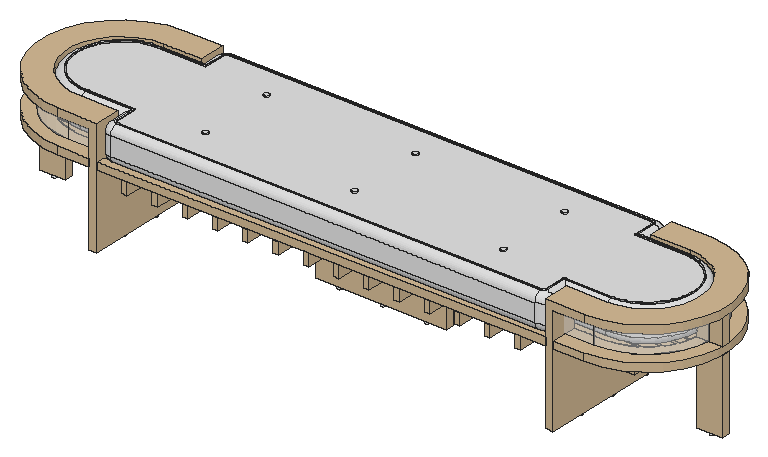
Revit family "BANCO M.A. 2,60M", category Sistema de mobiliário, Revit 2024
Family settings
  Cota do conector redondo = Utilizar diâmetro
  Tipo de parte = Normal
  Com base no plano de trabalho = Não
  Ativar corte nas vistas = Não
  Sempre na vertical = Sim
  Corte com vazios quando carregada = Não
  Compartilhado = Não
  Ponto de cálculo do ambiente = Não
Parameters
  Elevação padrão = 0.0 cm
Reference planes (cm)
  plane 1 "Centro (Frente/Trás)": y = 0
  plane 2: z = 0
  plane 3 "Centro (Esquerda/Direita)": x = 0
  plane 4: x = -66.5
  plane 5: x = 66.5
  plane 6: y = -30
  plane 7: y = 30
Forms (cm)
  Extrusion 1, solid, material "MADEIRA NATURAL"
    sketch origin (625.7408, -287.8404, 89.1449) x (0, 1, 0) y (-1, 0, 0)
      loop
        line (264.1429, -155.6722) -> (264.1429, -376.6893)
        arc (264.1429, -376.6893) -> (266.3659, -371.6427) -> (267.1262, -366.1808) r 20
        line (267.1262, -366.1808) -> (267.1262, -166.1808)
        arc (267.1262, -166.1808) -> (266.3659, -160.7189) -> (264.1429, -155.6722) r 20
      loop
        line (230.1262, -376.7164) -> (230.1262, -155.6451)
        arc (230.1262, -155.6451) -> (227.8908, -160.7036) -> (227.1262, -166.1808) r 20
        line (227.1262, -166.1808) -> (227.1262, -366.1808)
        arc (227.1262, -366.1808) -> (227.8908, -371.658) -> (230.1262, -376.7164) r 20
      loop
        line (263.0329, -378.3041) -> (263.0329, -154.0575)
        arc (263.0329, -154.0575) -> (261.619, -152.3983) -> (260.0329, -150.9028) r 20
        line (260.0329, -150.9028) -> (260.0329, -381.4587)
        arc (260.0329, -381.4587) -> (261.619, -379.9633) -> (263.0329, -378.3041) r 20
      loop
        line (258.9229, -382.3312) -> (258.9229, -150.0303)
        arc (258.9229, -150.0303) -> (257.4627, -149.059) -> (255.9229, -148.2192) r 20
        line (255.9229, -148.2192) -> (255.9229, -384.1423)
        arc (255.9229, -384.1423) -> (257.4627, -383.3026) -> (258.9229, -382.3312) r 20
      loop
        line (254.8129, -384.6446) -> (254.8129, -147.7169)
        arc (254.8129, -147.7169) -> (253.3323, -147.168) -> (251.8129, -146.7377) r 20
        line (251.8129, -146.7377) -> (251.8129, -385.6239)
        arc (251.8129, -385.6239) -> (253.3323, -385.1935) -> (254.8129, -384.6446) r 20
      loop
        line (250.7029, -385.8583) -> (250.7029, -146.5032)
        arc (250.7029, -146.5032) -> (249.2088, -146.2895) -> (247.7029, -146.1891) r 20
        line (247.7029, -146.1891) -> (247.7029, -386.1725)
        arc (247.7029, -386.1725) -> (249.2088, -386.072) -> (250.7029, -385.8583) r 20
      loop
        line (246.5929, -386.1737) -> (246.5929, -146.1879)
        arc (246.5929, -146.1879) -> (245.0871, -146.285) -> (243.5929, -146.4953) r 20
        line (243.5929, -146.4953) -> (243.5929, -385.8662)
        arc (243.5929, -385.8662) -> (245.0871, -386.0766) -> (246.5929, -386.1737) r 20
      loop
        line (242.4829, -385.6343) -> (242.4829, -146.7272)
        arc (242.4829, -146.7272) -> (240.9637, -147.1538) -> (239.4829, -147.6989) r 20
        line (239.4829, -147.6989) -> (239.4829, -384.6627)
        arc (239.4829, -384.6627) -> (240.9637, -385.2077) -> (242.4829, -385.6343) r 20
      loop
        line (238.3729, -384.1636) -> (238.3729, -148.198)
        arc (238.3729, -148.198) -> (236.8335, -149.0326) -> (235.3729, -149.9986) r 20
        line (235.3729, -149.9986) -> (235.3729, -382.3629)
        arc (235.3729, -382.3629) -> (236.8335, -383.329) -> (238.3729, -384.1636) r 20
      loop
        line (234.1949, -381.3377) -> (234.1949, -150.778)
        arc (234.1949, -150.778) -> (232.5291, -152.3336) -> (231.0503, -154.068) r 20.0709
        line (231.0503, -154.068) -> (231.0503, -378.0164)
        arc (231.0503, -378.0164) -> (232.5273, -379.7673) -> (234.1949, -381.3377) r 19.9836
      loop
        line (274.1429, -181.0118) -> (274.1429, -351.5397) -> (277.1262, -351.5397) -> (277.1262, -181.0118) -> (274.1429, -181.0118)
      loop
        line (269.1429, -181.0118) -> (269.1429, -351.5397) -> (272.1262, -351.5397) -> (272.1262, -181.0118) -> (269.1429, -181.0118)
      loop
        line (220.1094, -181.0118) -> (217.1262, -181.0118) -> (217.1262, -351.5397) -> (220.1094, -351.5397) -> (220.1094, -181.0118)
      loop
        line (225.1094, -181.0118) -> (222.1262, -181.0118) -> (222.1262, -351.5397) -> (225.1094, -351.5397) -> (225.1094, -181.0118)
    from -30.6403 to -27.6403
  Extrusion 2, solid, material "MADEIRA NATURAL"
    sketch origin (326.8975, -60.465, 54.0046) x (1, 0, 0) y (0, 1, 0)
      loop
        line (489.3458, 37.1334) -> (489.3458, 2.3682) -> (491.3643, 2.3682) -> (491.3643, 37.1334) -> (489.3458, 37.1334)
      loop
        line (491.3643, -10.2492) -> (491.3643, -0.2492) -> (489.3458, -0.2492) -> (489.3458, -10.2492) -> (491.3643, -10.2492)
      loop
        line (489.3458, 39.7676) -> (491.3643, 39.7676) -> (491.3643, 49.7508) -> (489.3458, 49.7508) -> (489.3458, 39.7676)
      loop
        line (500.8458, 37.1334) -> (500.8458, 2.3682) -> (502.8643, 2.3682) -> (502.8643, 37.1334) -> (500.8458, 37.1334)
      loop
        line (502.8643, -10.2492) -> (502.8643, -0.2492) -> (500.8458, -0.2492) -> (500.8458, -10.2492) -> (502.8643, -10.2492)
      loop
        line (500.8458, 39.7676) -> (502.8643, 39.7676) -> (502.8643, 49.7508) -> (500.8458, 49.7508) -> (500.8458, 39.7676)
      loop
        line (512.3458, 37.1334) -> (512.3458, 2.3682) -> (514.3643, 2.3682) -> (514.3643, 37.1334) -> (512.3458, 37.1334)
      loop
        line (514.3643, -10.2492) -> (514.3643, -0.2492) -> (512.3458, -0.2492) -> (512.3458, -10.2492) -> (514.3643, -10.2492)
      loop
        line (512.3458, 39.7676) -> (514.3643, 39.7676) -> (514.3643, 49.7508) -> (512.3458, 49.7508) -> (512.3458, 39.7676)
      loop
        line (523.8458, 37.1334) -> (523.8458, 2.3682) -> (525.8643, 2.3682) -> (525.8643, 37.1334) -> (523.8458, 37.1334)
      loop
        line (525.8643, -10.2492) -> (525.8643, -0.2492) -> (523.8458, -0.2492) -> (523.8458, -10.2492) -> (525.8643, -10.2492)
      loop
        line (523.8458, 39.7676) -> (525.8643, 39.7676) -> (525.8643, 49.7508) -> (523.8458, 49.7508) -> (523.8458, 39.7676)
      loop
        line (535.3458, 37.1334) -> (535.3458, 2.3682) -> (537.3643, 2.3682) -> (537.3643, 37.1334) -> (535.3458, 37.1334)
      loop
        line (537.3643, -10.2492) -> (537.3643, -0.2492) -> (535.3458, -0.2492) -> (535.3458, -10.2492) -> (537.3643, -10.2492)
      loop
        line (535.3458, 39.7676) -> (537.3643, 39.7676) -> (537.3643, 49.7508) -> (535.3458, 49.7508) -> (535.3458, 39.7676)
      loop
        line (546.8458, 37.1334) -> (546.8458, 2.3682) -> (548.8643, 2.3682) -> (548.8643, 37.1334) -> (546.8458, 37.1334)
      loop
        line (548.8643, -10.2492) -> (548.8643, -0.2492) -> (546.8458, -0.2492) -> (546.8458, -10.2492) -> (548.8643, -10.2492)
      loop
        line (546.8458, 39.7676) -> (548.8643, 39.7676) -> (548.8643, 49.7508) -> (546.8458, 49.7508) -> (546.8458, 39.7676)
      loop
        line (558.3458, 37.1334) -> (558.3458, 2.3682) -> (560.3643, 2.3682) -> (560.3643, 37.1334) -> (558.3458, 37.1334)
      loop
        line (560.3643, -10.2492) -> (560.3643, -0.2492) -> (558.3458, -0.2492) -> (558.3458, -10.2492) -> (560.3643, -10.2492)
      loop
        line (558.3458, 39.7676) -> (560.3643, 39.7676) -> (560.3643, 49.7508) -> (558.3458, 49.7508) -> (558.3458, 39.7676)
      loop
        line (569.8458, 37.1334) -> (569.8458, 2.3682) -> (571.8643, 2.3682) -> (571.8643, 37.1334) -> (569.8458, 37.1334)
      loop
        line (571.8643, -10.2492) -> (571.8643, -0.2492) -> (569.8458, -0.2492) -> (569.8458, -10.2492) -> (571.8643, -10.2492)
      loop
        line (569.8458, 39.7676) -> (571.8643, 39.7676) -> (571.8643, 49.7508) -> (569.8458, 49.7508) -> (569.8458, 39.7676)
      loop
        line (581.3458, 37.1334) -> (581.3458, 2.3682) -> (583.3643, 2.3682) -> (583.3643, 37.1334) -> (581.3458, 37.1334)
      loop
        line (583.3643, -10.2492) -> (583.3643, -0.2492) -> (581.3458, -0.2492) -> (581.3458, -10.2492) -> (583.3643, -10.2492)
      loop
        line (581.3458, 39.7676) -> (583.3643, 39.7676) -> (583.3643, 49.7508) -> (581.3458, 49.7508) -> (581.3458, 39.7676)
      loop
        line (592.8458, 37.1334) -> (592.8458, 2.3682) -> (594.8643, 2.3682) -> (594.8643, 37.1334) -> (592.8458, 37.1334)
      loop
        line (594.8643, -10.2492) -> (594.8643, -0.2492) -> (592.8458, -0.2492) -> (592.8458, -10.2492) -> (594.8643, -10.2492)
      loop
        line (592.8458, 39.7676) -> (594.8643, 39.7676) -> (594.8643, 49.7508) -> (592.8458, 49.7508) -> (592.8458, 39.7676)
      loop
        line (604.3458, 37.1334) -> (604.3458, 2.3682) -> (606.3643, 2.3682) -> (606.3643, 37.1334) -> (604.3458, 37.1334)
      loop
        line (606.3643, -10.2492) -> (606.3643, -0.2492) -> (604.3458, -0.2492) -> (604.3458, -10.2492) -> (606.3643, -10.2492)
      loop
        line (604.3458, 39.7676) -> (606.3643, 39.7676) -> (606.3643, 49.7508) -> (604.3458, 49.7508) -> (604.3458, 39.7676)
      loop
        line (615.8458, 37.1334) -> (615.8458, 2.3682) -> (617.8643, 2.3682) -> (617.8643, 37.1334) -> (615.8458, 37.1334)
      loop
        line (617.8643, -10.2492) -> (617.8643, -0.2492) -> (615.8458, -0.2492) -> (615.8458, -10.2492) -> (617.8643, -10.2492)
      loop
        line (615.8458, 39.7676) -> (617.8643, 39.7676) -> (617.8643, 49.7508) -> (615.8458, 49.7508) -> (615.8458, 39.7676)
      loop
        line (627.3458, 37.1334) -> (627.3458, 2.3682) -> (629.3643, 2.3682) -> (629.3643, 37.1334) -> (627.3458, 37.1334)
      loop
        line (629.3643, -10.2492) -> (629.3643, -0.2492) -> (627.3458, -0.2492) -> (627.3458, -10.2492) -> (629.3643, -10.2492)
      loop
        line (627.3458, 39.7676) -> (629.3643, 39.7676) -> (629.3643, 49.7508) -> (627.3458, 49.7508) -> (627.3458, 39.7676)
      loop
        line (638.8458, 37.1334) -> (638.8458, 2.3682) -> (640.8643, 2.3682) -> (640.8643, 37.1334) -> (638.8458, 37.1334)
      loop
        line (640.8643, -10.2492) -> (640.8643, -0.2492) -> (638.8458, -0.2492) -> (638.8458, -10.2492) -> (640.8643, -10.2492)
      loop
        line (638.8458, 39.7676) -> (640.8643, 39.7676) -> (640.8643, 49.7508) -> (638.8458, 49.7508) -> (638.8458, 39.7676)
      loop
        line (662.8458, 37.1334) -> (662.8458, 2.7508) -> (664.8643, 2.7508) -> (664.8643, 37.1334) -> (662.8458, 37.1334)
      loop
        line (674.3272, 37.1334) -> (674.3272, 2.7508) -> (676.3457, 2.7508) -> (676.3457, 37.1334) -> (674.3272, 37.1334)
      loop
        line (465.3551, 37.1334) -> (465.3551, 2.3682) -> (467.3736, 2.3682) -> (467.3736, 37.1334) -> (465.3551, 37.1334)
      loop
        line (453.8551, 37.1334) -> (453.8551, 2.3682) -> (455.8736, 2.3682) -> (455.8736, 37.1334) -> (453.8551, 37.1334)
    from 4.5 to 0
  Extrusion 3, solid, material "MADEIRA NATURAL"
    sketch origin (1561.5692, 9.4695, 14.07) x (-1, 0, 0) y (0, -1, 0)
      loop
        line (584.2887, 32.8011) -> (584.2887, 30.1837) -> (754.8165, 30.1837) -> (754.8165, 32.8011) -> (584.2887, 32.8011)
      loop
        line (651.3073, 48.875) -> (651.3073, 51.4924) -> (641.8258, 51.4924) -> (641.8258, 48.875) -> (651.3073, 48.875)
      loop
        line (754.8165, 48.875) -> (754.8165, 51.4924) -> (745.3258, 51.4924) -> (745.3258, 48.875) -> (754.8165, 48.875)
      loop
        line (769.3165, 48.875) -> (778.7981, 48.875) -> (778.7981, 51.4924) -> (769.3165, 51.4924) -> (769.3165, 48.875)
      loop
        line (584.2887, 67.5663) -> (754.8165, 67.5663) -> (754.8165, 70.1837) -> (584.2887, 70.1837) -> (584.2887, 67.5663)
      loop
        line (743.3073, 51.4924) -> (733.8258, 51.4924) -> (733.8258, 48.875) -> (743.3073, 48.875) -> (743.3073, 51.4924)
      loop
        line (731.8073, 51.4924) -> (722.3258, 51.4924) -> (722.3258, 48.875) -> (731.8073, 48.875) -> (731.8073, 51.4924)
      loop
        line (720.3073, 51.4924) -> (710.8258, 51.4924) -> (710.8258, 48.875) -> (720.3073, 48.875) -> (720.3073, 51.4924)
      loop
        line (708.8073, 51.4924) -> (699.3258, 51.4924) -> (699.3258, 48.875) -> (708.8073, 48.875) -> (708.8073, 51.4924)
      loop
        line (697.3073, 51.4924) -> (687.8258, 51.4924) -> (687.8258, 48.875) -> (697.3073, 48.875) -> (697.3073, 51.4924)
      loop
        line (685.8073, 51.4924) -> (676.3258, 51.4924) -> (676.3258, 48.875) -> (685.8073, 48.875) -> (685.8073, 51.4924)
      loop
        line (674.3073, 51.4924) -> (664.8258, 51.4924) -> (664.8258, 48.875) -> (674.3073, 48.875) -> (674.3073, 51.4924)
      loop
        line (662.8073, 51.4924) -> (653.3258, 51.4924) -> (653.3258, 48.875) -> (662.8073, 48.875) -> (662.8073, 51.4924)
      loop
        line (789.5367, 51.4924) -> (780.8165, 51.4924) -> (780.8165, 48.875) -> (789.5367, 48.875) -> (789.5367, 51.4924)
      loop
        line (639.8073, 51.4924) -> (630.3258, 51.4924) -> (630.3258, 48.875) -> (639.8073, 48.875) -> (639.8073, 51.4924)
      loop
        line (628.3073, 51.4924) -> (618.8258, 51.4924) -> (618.8258, 48.875) -> (628.3073, 48.875) -> (628.3073, 51.4924)
      loop
        line (757.8165, 48.875) -> (767.2981, 48.875) -> (767.2981, 51.4924) -> (757.8165, 51.4924) -> (757.8165, 48.875)
      loop
        line (780.8165, 32.8011) -> (757.8165, 32.8011) -> (757.8165, 30.1837) -> (780.8165, 30.1837) -> (780.8165, 32.8011)
      loop
        line (780.8165, 70.1837) -> (757.8165, 70.1837) -> (757.8165, 67.5663) -> (780.8165, 67.5663) -> (780.8165, 70.1837)
      loop
        line (558.326, 67.1837) -> (581.2887, 67.1837) -> (581.2887, 70.1837) -> (558.326, 70.1837) -> (558.326, 67.1837)
      loop
        line (558.326, 32.8011) -> (558.326, 30.1837) -> (581.2887, 30.1837) -> (581.2887, 32.8011) -> (558.326, 32.8011)
      loop
        line (581.2887, 48.875) -> (581.2887, 51.4924) -> (571.8258, 51.4924) -> (571.8258, 48.875) -> (581.2887, 48.875)
      loop
        line (549.5685, 51.4924) -> (549.5685, 48.875) -> (558.326, 48.875) -> (558.326, 51.4924) -> (549.5685, 51.4924)
      loop
        line (569.8073, 51.4924) -> (560.3444, 51.4924) -> (560.3444, 48.875) -> (569.8073, 48.875) -> (569.8073, 51.4924)
      loop
        line (593.8073, 48.875) -> (593.8073, 51.4924) -> (584.2887, 51.4924) -> (584.2887, 48.875) -> (593.8073, 48.875)
      loop
        line (616.8073, 48.875) -> (616.8073, 51.4924) -> (607.3258, 51.4924) -> (607.3258, 48.875) -> (616.8073, 48.875)
      loop
        line (605.3073, 48.875) -> (605.3073, 51.4924) -> (595.8258, 51.4924) -> (595.8258, 48.875) -> (605.3073, 48.875)
    from 39.43 to 44.4346
  Extrusion 4, solid, material "MADEIRA NATURAL"
    sketch origin (1209.482, -554.7112, 47.4346) x (-1, 0, 0) y (0, -1, 0)
      loop
        line (232.2015, -493.9969) -> (229.2015, -493.9969) -> (229.2015, -533.9969) -> (232.2015, -533.9969) -> (232.2015, -493.9969)
    from -16.93 to 9.07
  Extrusion 5, solid, material "_PALHINHA"
    sketch origin (1478.7781, -60.465, 32.57) x (-1, 0, 0) y (0, -1, 0)
      loop
        line (498.4976, -44.6508) -> (486.8565, -44.6508)
        arc (486.8565, -44.6508) -> (469.7881, -37.8803) -> (462.0018, -21.2508) r 24.9
        line (462.0018, -21.2508) -> (461.8014, -21.2508)
        arc (461.8014, -21.2508) -> (469.6467, -38.0218) -> (486.8565, -44.8508) r 25.1
        line (486.8565, -44.8508) -> (498.4976, -44.8508) -> (498.4976, -44.6508)
      loop
        line (486.8565, 5.1492) -> (498.4976, 5.1492) -> (498.4976, 5.3492) -> (486.8565, 5.3492)
        arc (486.8565, 5.3492) -> (469.6467, -1.4798) -> (461.8014, -18.2508) r 25.1
        line (461.8014, -18.2508) -> (462.0018, -18.2508)
        arc (462.0018, -18.2508) -> (469.7881, -1.6213) -> (486.8565, 5.1492) r 24.9
    from 28.9427 to 38.93
  Extrusion 6, solid, material "MADEIRA NATURAL"
    sketch origin (207.1169, -51.3222, 0.0173) x (1, 0, 0) y (0, 1, 0)
      loop
        line (804.8728, 9.108) -> (814.8929, 9.108)
        arc (814.8929, 9.108) -> (814.92, 10.6079) -> (814.8996, 12.108) r 47.4465
        line (814.8996, 12.108) -> (804.8837, 12.108)
        arc (804.8837, 12.108) -> (804.9083, 10.6079) -> (804.8728, 9.108) r 37.4316
    from 30.4797 to 58.4873
  Extrusion 7, solid, material "MADEIRA NATURAL"
    sketch origin (1012.8142, -75.4235, 32.5173) x (0, 1, 0) y (1, 0, 0)
      loop
        line (54.7092, -35.5337) -> (64.7092, -35.5337) -> (64.7092, -32.5337) -> (54.7092, -32.5337) -> (54.7092, -35.5337)
      loop
        line (4.7092, -35.5337) -> (14.7092, -35.5337) -> (14.7092, -32.5337) -> (4.7092, -32.5337) -> (4.7092, -35.5337)
    from -38.9827 to 2.0127
  Extrusion 8, solid, material "MADEIRA NATURAL"
    sketch origin (205.0446, -51.3222, 45.0219) x (1, 0, 0) y (0, 1, 0)
      loop
        line (806.9652, 9.108) -> (816.9652, 9.108)
        arc (816.9652, 9.108) -> (816.9872, 10.608) -> (816.9652, 12.108) r 51.2525
        line (816.9652, 12.108) -> (806.9652, 12.108)
        arc (806.9652, 12.108) -> (806.9906, 10.608) -> (806.9652, 9.108) r 44.2525
    from 16.4908 to 26.4781
  Extrusion 9, solid, material "MADEIRA NATURAL"
    sketch origin (1448.7781, -60.465, 14.07) x (-1, 0, 0) y (0, -1, 0)
      loop
        arc (456.8565, 10.2492) -> (426.8565, -19.7508) -> (456.8565, -49.7508) r 30
        line (456.8565, -49.7508) -> (468.4976, -49.7508) -> (468.4976, -39.7508) -> (456.8565, -39.7508)
        arc (456.8565, -39.7508) -> (436.8565, -19.7508) -> (456.8565, 0.2492) r 20
        line (456.8565, 0.2492) -> (468.4976, 0.2492) -> (468.4976, 10.2492) -> (456.8565, 10.2492)
    from 44.4346 to 47.4346
  Extrusion 10, solid, material "MADEIRA NATURAL"
    sketch origin (1448.9681, -60.465, 27.0654) x (-1, 0, 0) y (0, -1, 0)
      loop
        arc (456.8565, 10.2492) -> (426.8565, -19.7508) -> (456.8565, -49.7508) r 30
        line (456.8565, -49.7508) -> (471.6876, -49.7508) -> (471.6876, -39.7508) -> (456.8565, -39.7508)
        arc (456.8565, -39.7508) -> (436.8565, -19.7508) -> (456.8565, 0.2492) r 20
        line (456.8565, 0.2492) -> (471.6876, 0.2492) -> (471.6876, 10.2492) -> (456.8565, 10.2492)
    from 44.4346 to 47.4346
  Extrusion 11, solid, material "MADEIRA NATURAL"
    sketch origin (771.2189, -75.4235, 17.5) x (0, -1, 0) y (-1, 0, 0)
      loop
        line (-54.7092, -35.5337) -> (-54.7092, -32.5337) -> (-64.7092, -32.5337) -> (-64.7092, -35.5337) -> (-54.7092, -35.5337)
      loop
        line (-4.7092, -35.5337) -> (-4.7092, -32.5337) -> (-14.7092, -32.5337) -> (-14.7092, -35.5337) -> (-4.7092, -35.5337)
    from -54 to -13.0012
  Extrusion 12, solid, material "MADEIRA NATURAL"
    sketch origin (1576.9162, -51.3222, 0) x (-1, 0, 0) y (0, -1, 0)
      loop
        arc (804.8728, -9.108) -> (804.9083, -10.6079) -> (804.8837, -12.108) r 37.4316
        line (804.8837, -12.108) -> (814.8996, -12.108)
        arc (814.8996, -12.108) -> (814.92, -10.6079) -> (814.8929, -9.108) r 47.4465
        line (814.8929, -9.108) -> (804.8728, -9.108)
    from 30.5 to 58.5046
  Extrusion 13, solid, material "MADEIRA NATURAL"
    sketch origin (793.9451, 445.7135, 0.07) x (0, -1, 0) y (1, 0, 0)
      loop
        line (506.4277, 12.8075) -> (466.4277, 12.8075) -> (466.4277, 9.8075) -> (506.4277, 9.8075) -> (506.4277, 12.8075)
    from 30.4312 to 56.4346
  Extrusion 14, solid, material "_PALHINHA"
    sketch origin (305.065, -60.465, 32.57) x (1, 0, 0) y (0, 1, 0)
      loop
        line (498.6876, 44.6508) -> (498.6876, 44.8508) -> (486.8565, 44.8508)
        arc (486.8565, 44.8508) -> (469.6467, 38.0218) -> (461.8014, 21.2508) r 25.1
        line (461.8014, 21.2508) -> (462.0018, 21.2508)
        arc (462.0018, 21.2508) -> (469.7881, 37.8803) -> (486.8565, 44.6508) r 24.9
        line (486.8565, 44.6508) -> (498.6876, 44.6508)
      loop
        arc (486.8565, -5.1492) -> (469.7881, 1.6213) -> (462.0018, 18.2508) r 24.9
        line (462.0018, 18.2508) -> (461.8014, 18.2508)
        arc (461.8014, 18.2508) -> (469.6467, 1.4798) -> (486.8565, -5.3492) r 25.1
        line (486.8565, -5.3492) -> (498.6876, -5.3492) -> (498.6876, -5.1492) -> (486.8565, -5.1492)
    from 28.9427 to 38.93
  Extrusion 15, solid, material "MADEIRA NATURAL"
    sketch origin (1578.9885, -51.3222, 45.0046) x (-1, 0, 0) y (0, -1, 0)
      loop
        arc (806.9652, -9.108) -> (806.9906, -10.608) -> (806.9652, -12.108) r 44.2525
        line (806.9652, -12.108) -> (816.9652, -12.108)
        arc (816.9652, -12.108) -> (816.9872, -10.608) -> (816.9652, -9.108) r 51.2525
        line (816.9652, -9.108) -> (806.9652, -9.108)
    from 16.5081 to 26.4954
  Extrusion 16, solid, material "MADEIRA NATURAL"
    sketch origin (335.065, -60.465, 14.07) x (1, 0, 0) y (0, 1, 0)
      loop
        line (456.8565, -10.2492) -> (468.6876, -10.2492) -> (468.6876, -0.2492) -> (456.8565, -0.2492)
        arc (456.8565, -0.2492) -> (436.8565, 19.7508) -> (456.8565, 39.7508) r 20
        line (456.8565, 39.7508) -> (468.6876, 39.7508) -> (468.6876, 49.7508) -> (456.8565, 49.7508)
        arc (456.8565, 49.7508) -> (426.8565, 19.7508) -> (456.8565, -10.2492) r 30
    from 44.4346 to 47.4346
  Extrusion 17, solid, material "MADEIRA NATURAL"
    sketch origin (335.065, -60.465, 27.0654) x (1, 0, 0) y (0, 1, 0)
      loop
        line (456.8565, -10.2492) -> (471.6876, -10.2492) -> (471.6876, -0.2492) -> (456.8565, -0.2492)
        arc (456.8565, -0.2492) -> (436.8565, 19.7508) -> (456.8565, 39.7508) r 20
        line (456.8565, 39.7508) -> (471.6876, 39.7508) -> (471.6876, 49.7508) -> (456.8565, 49.7508)
        arc (456.8565, 49.7508) -> (426.8565, 19.7508) -> (456.8565, -10.2492) r 30
    from 44.4346 to 47.4346
  Extrusion 18, solid, material "MADEIRA NATURAL"
    sketch origin (744.186, -72.1997, 0) x (0, -1, 0) y (1, 0, 0)
      loop
        line (-32.9855, 122.8331) -> (-29.9855, 122.8331) -> (-29.9855, 172.8331) -> (-32.9855, 172.8331) -> (-32.9855, 122.8331)
    from 30.5046 to 53.5
  Revolve 19, solid
    sketch origin (803.8584, -41.0742, 0) x (-1, 0, 0) y (0, 0, -1)
      loop
        line (36.8386, -30.5) -> (36.8386, -29.5) -> (36.0386, -29.5) -> (36.5386, -30.5) -> (36.8386, -30.5)
      axis (36.8386, -30.5) -> (36.8386, -29.5)
    angle from 0 to 360
  Revolve 20, solid
    sketch origin (928.8577, -41.0642, 0.0046) x (-1, 0, 0) y (0, 0, -1)
      loop
        line (36.8386, -30.5) -> (36.8386, -29.5) -> (36.0386, -29.5) -> (36.5386, -30.5) -> (36.8386, -30.5)
      axis (36.8386, -30.5) -> (36.8386, -29.5)
    angle from 0 to 360
  Revolve 21, solid
    sketch origin (842.0584, -41.0642, 0) x (-1, 0, 0) y (0, 0, -1)
      loop
        line (36.8386, -30.5) -> (36.8386, -29.5) -> (36.0386, -29.5) -> (36.5386, -30.5) -> (36.8386, -30.5)
      axis (36.8386, -30.5) -> (36.8386, -29.5)
    angle from 0 to 360
  Revolve 22, solid
    sketch origin (912.2584, -41.0642, 0) x (-1, 0, 0) y (0, 0, -1)
      loop
        line (36.8386, -30.5) -> (36.8386, -29.5) -> (36.0386, -29.5) -> (36.5386, -30.5) -> (36.8386, -30.5)
      axis (36.8386, -30.5) -> (36.8386, -29.5)
    angle from 0 to 360
  Revolve 23, solid
    sketch origin (871.7799, -41.0642, 0) x (1, 0, 0) y (0, 0, 1)
      loop
        line (36.8386, 30.5) -> (36.5386, 30.5) -> (36.0386, 29.5) -> (36.8386, 29.5) -> (36.8386, 30.5)
      axis (36.8386, 30.5) -> (36.8386, 29.5)
    angle from 0 to 360
  Revolve 24, solid
    sketch origin (842.0584, -56.0642, 0) x (-1, 0, 0) y (0, 0, -1)
      loop
        line (36.8386, -30.5) -> (36.8386, -29.5) -> (36.0386, -29.5) -> (36.5386, -30.5) -> (36.8386, -30.5)
      axis (36.8386, -30.5) -> (36.8386, -29.5)
    angle from 0 to 360
  Revolve 25, solid
    sketch origin (842.0584, -24.9642, 0) x (-1, 0, 0) y (0, 0, -1)
      loop
        line (36.8386, -30.5) -> (36.8386, -29.5) -> (36.0386, -29.5) -> (36.5386, -30.5) -> (36.8386, -30.5)
      axis (36.8386, -30.5) -> (36.8386, -29.5)
    angle from 0 to 360
  Revolve 26, solid
    sketch origin (980.1469, -41.0742, 0) x (1, 0, 0) y (0, 0, 1)
      loop
        line (36.8386, 30.5) -> (36.5386, 30.5) -> (36.0386, 29.5) -> (36.8386, 29.5) -> (36.8386, 30.5)
      axis (36.8386, 30.5) -> (36.8386, 29.5)
    angle from 0 to 360
  Revolve 27, solid
    sketch origin (941.9469, -41.0642, 0) x (1, 0, 0) y (0, 0, 1)
      loop
        line (36.8386, 30.5) -> (36.5386, 30.5) -> (36.0386, 29.5) -> (36.8386, 29.5) -> (36.8386, 30.5)
      axis (36.8386, 30.5) -> (36.8386, 29.5)
    angle from 0 to 360
  Revolve 28, solid
    sketch origin (941.9469, -56.0642, 0) x (1, 0, 0) y (0, 0, 1)
      loop
        line (36.8386, 30.5) -> (36.5386, 30.5) -> (36.0386, 29.5) -> (36.8386, 29.5) -> (36.8386, 30.5)
      axis (36.8386, 30.5) -> (36.8386, 29.5)
    angle from 0 to 360
  Revolve 29, solid
    sketch origin (941.9469, -24.9642, 0) x (1, 0, 0) y (0, 0, 1)
      loop
        line (36.8386, 30.5) -> (36.5386, 30.5) -> (36.0386, 29.5) -> (36.8386, 29.5) -> (36.8386, 30.5)
      axis (36.8386, 30.5) -> (36.8386, 29.5)
    angle from 0 to 360
  Extrusion 30, solid, material "ESTOFADO"
    sketch origin (968.0248, 10.0928, 29.6) x (0, -1, 0) y (1, 0, 0)
      loop
        line (24.107, 4.8197) -> (24.107, -156.6629)
        arc (24.107, -156.6629) -> (24.3999, -157.37) -> (25.107, -157.6629) r 1
        line (25.107, -157.6629) -> (33.607, -157.6629) -> (33.607, -175.9205)
        arc (33.607, -175.9205) -> (50.607, -192.9205) -> (67.607, -175.9205) r 17
        line (67.607, -175.9205) -> (67.607, -157.6629) -> (76.107, -157.6629)
        arc (76.107, -157.6629) -> (76.8141, -157.37) -> (77.107, -156.6629) r 1
        line (77.107, -156.6629) -> (77.107, 4.8197)
        arc (77.107, 4.8197) -> (76.8141, 5.5268) -> (76.107, 5.8197) r 1
        line (76.107, 5.8197) -> (67.607, 5.8197) -> (67.607, 24.0773)
        arc (67.607, 24.0773) -> (50.607, 41.0773) -> (33.607, 24.0773) r 17
        line (33.607, 24.0773) -> (33.607, 5.8197) -> (25.107, 5.8197)
        arc (25.107, 5.8197) -> (24.3999, 5.5268) -> (24.107, 4.8197) r 1
    from 31.9127 to 44.9127
  Sweep 31, solid, material "ESTOFADO"
    path origin (925.7466, 33.3853, 66.5346) x (1, 0, 0) y (0, 1, 0)
      loop
        arc (-114.3847, -47.3995) -> (-115.0918, -47.6924) -> (-115.3847, -48.3995) r 1
        line (-115.3847, -48.3995) -> (-115.3847, -56.8995) -> (-133.6423, -56.8995)
        arc (-133.6423, -56.8995) -> (-150.6423, -73.8995) -> (-133.6423, -90.8995) r 17
        line (-133.6423, -90.8995) -> (-115.3847, -90.8995) -> (-115.3847, -99.3995)
        arc (-115.3847, -99.3995) -> (-115.0918, -100.1066) -> (-114.3847, -100.3995) r 1
        line (-114.3847, -100.3995) -> (47.0979, -100.3995)
        arc (47.0979, -100.3995) -> (47.8051, -100.1066) -> (48.0979, -99.3995) r 1
        line (48.0979, -99.3995) -> (48.0979, -90.8995) -> (66.3555, -90.8995)
        arc (66.3555, -90.8995) -> (83.3555, -73.8995) -> (66.3555, -56.8995) r 17
        line (66.3555, -56.8995) -> (48.0979, -56.8995) -> (48.0979, -48.3995)
        arc (48.0979, -48.3995) -> (47.8051, -47.6924) -> (47.0979, -47.3995) r 1
        line (47.0979, -47.3995) -> (-114.3847, -47.3995)
    profile origin (892.1032, -14.0142, 66.5346) x (0, 1, 0) y (0, 0, 1)
      loop
        arc (0, -5.0219) -> (2.1213, -4.1432) -> (3, -2.0219) r 3
        line (3, -2.0219) -> (3, 4.9781)
        arc (3, 4.9781) -> (2.1213, 7.0994) -> (0, 7.9781) r 3
        line (0, 7.9781) -> (0, -5.0219)
  Extrusion 32, solid, material "ESTOFADO"
    sketch origin (705.6215, 0.2, 70.0598) x (1, 0, 0) y (0, 1, 0)
      loop
        circle (186.4712, -26.1465) r 1
      loop
        circle (129.8012, -26.1465) r 1
      loop
        circle (243.1412, -26.1465) r 1
    from 3.834 to 4.6083
  Extrusion 33, solid, material "ESTOFADO"
    sketch origin (705.6215, -28.85, 70.0598) x (1, 0, 0) y (0, 1, 0)
      loop
        circle (186.4712, -26.1465) r 1
      loop
        circle (129.8012, -26.1465) r 1
      loop
        circle (243.1412, -26.1465) r 1
    from 4.4431 to 4.6083
  Sweep 34, solid, material "ESTOFADO"
    path origin (925.7466, 33.3853, 74.6546) x (1, 0, 0) y (0, 1, 0)
      loop
        arc (-114.3847, -47.3995) -> (-115.0918, -47.6924) -> (-115.3847, -48.3995) r 1
        line (-115.3847, -48.3995) -> (-115.3847, -56.8995) -> (-133.6423, -56.8995)
        arc (-133.6423, -56.8995) -> (-150.6423, -73.8995) -> (-133.6423, -90.8995) r 17
        line (-133.6423, -90.8995) -> (-115.3847, -90.8995) -> (-115.3847, -99.3995)
        arc (-115.3847, -99.3995) -> (-115.0918, -100.1066) -> (-114.3847, -100.3995) r 1
        line (-114.3847, -100.3995) -> (47.0979, -100.3995)
        arc (47.0979, -100.3995) -> (47.8051, -100.1066) -> (48.0979, -99.3995) r 1
        line (48.0979, -99.3995) -> (48.0979, -90.8995) -> (66.3555, -90.8995)
        arc (66.3555, -90.8995) -> (83.3555, -73.8995) -> (66.3555, -56.8995) r 17
        line (66.3555, -56.8995) -> (48.0979, -56.8995) -> (48.0979, -48.3995)
        arc (48.0979, -48.3995) -> (47.8051, -47.6924) -> (47.0979, -47.3995) r 1
        line (47.0979, -47.3995) -> (-114.3847, -47.3995)
    profile origin (892.1032, -14.0142, 74.6546) x (0, 1, 0) y (0, 0, 1)
      loop
        circle (0, 0) r 0.16
Cuts and joins
  joined: Extrusion 11, Extrusion 13, Extrusion 17
  joined: Extrusion 4, Extrusion 7, Extrusion 10
Dimensions and locks (cm)
  equal spacing: plane 6, plane 1 "Centro (Frente/Trás)", plane 7
  equal spacing: plane 4, plane 3 "Centro (Esquerda/Direita)", plane 5
  aligned and locked: level to plane 2
Automatic sketch dimensions
  Extrusion 1 sketch curve to Extrusion 1 sketch curve = 0.0 cm  (x149)
  plane 6 to Extrusion 1 sketch curve = 40.7142 cm
  Extrusion 1 sketch curve to Extrusion 1 sketch curve = 2.9832 cm  (x4)
  Extrusion 1 sketch curve to Extrusion 1 sketch curve = 2.0168 cm  (x3)
  Extrusion 1 sketch curve to Extrusion 1 sketch curve = 3.0 cm  (x6)
  Extrusion 1 sketch curve to Extrusion 1 sketch curve = 0.9242 cm
  Extrusion 1 sketch curve to Extrusion 1 sketch curve = 3.1446 cm
  Extrusion 1 sketch curve to Extrusion 1 sketch curve = 1.178 cm
  Extrusion 1 sketch curve to Extrusion 1 sketch curve = 1.11 cm  (x7)
  plane 6 to Extrusion 1 sketch curve = 10.802 cm
  plane 6 to Extrusion 1 sketch curve = 10.8018 cm
  Extrusion 1 sketch curve to Extrusion 1 sketch curve = 0.0878 cm
  Extrusion 1 sketch curve to Extrusion 1 sketch curve = 0.0876 cm
  plane 6 to Extrusion 1 sketch curve = 3.0275 cm
  Extrusion 1 sketch curve to plane 6 = 1.0825 cm
  Extrusion 1 sketch curve to plane 6 = 9.2858 cm
  Extrusion 1 sketch curve to plane 6 = 11.3025 cm
  plane 5 to Extrusion 1 sketch curve = 945.4145 cm
  Extrusion 1 sketch curve to Extrusion 1 sketch curve = 0.0012 cm
  Extrusion 1 sketch curve to Extrusion 1 sketch curve = 0.3075 cm
  Extrusion 1 sketch curve to Extrusion 1 sketch curve = 0.2319 cm  (x2)
  Extrusion 1 sketch curve to Extrusion 1 sketch curve = 0.2345 cm  (x2)
  Extrusion 1 sketch curve to Extrusion 1 sketch curve = 0.4991 cm  (x2)
  Extrusion 1 sketch curve to Extrusion 1 sketch curve = 0.5023 cm  (x2)
  Extrusion 1 sketch curve to Extrusion 1 sketch curve = 0.8725 cm  (x2)
  Extrusion 1 sketch curve to Extrusion 1 sketch curve = 1.0252 cm
  Extrusion 1 sketch curve to Extrusion 1 sketch curve = 1.3 cm
  Extrusion 1 sketch curve to Extrusion 1 sketch curve = 14.6411 cm  (x2)
  Extrusion 1 sketch curve to Extrusion 1 sketch curve = 170.5279 cm
  Extrusion 1 sketch curve to Extrusion 1 sketch curve = 14.8103 cm
  Extrusion 1 sketch curve to Extrusion 1 sketch curve = 14.831 cm
  Extrusion 1 sketch curve to Extrusion 1 sketch curve = 1.5771 cm
  Extrusion 1 sketch curve to Extrusion 1 sketch curve = 1.6148 cm
  Extrusion 1 sketch curve to Extrusion 1 sketch curve = 0.7793 cm
  Extrusion 2 sketch curve to plane 6 = 6.6684 cm  (x18)
  plane 5 to Extrusion 2 sketch curve = 714.2526 cm
  Extrusion 2 sketch curve to Extrusion 2 sketch curve = 2.0185 cm  (x46)
  Extrusion 2 sketch curve to Extrusion 2 sketch curve = 9.4815 cm  (x22)
  Extrusion 2 sketch curve to Extrusion 2 sketch curve = 21.9723 cm  (x2)
  plane 1 "Centro (Frente/Trás)" to Extrusion 2 sketch curve = 10.7142 cm
  Extrusion 2 sketch curve to Extrusion 2 sketch curve = 0.0 cm  (x47)
  Extrusion 2 sketch curve to Extrusion 2 sketch curve = 21.9815 cm
  Extrusion 2 sketch curve to Extrusion 2 sketch curve = 9.4629 cm
  plane 6 to Extrusion 2 sketch curve = 27.7142 cm
  plane 6 to Extrusion 2 sketch curve = 28.0968 cm  (x3)
  Extrusion 2 sketch curve to Extrusion 2 sketch curve = 2.6174 cm  (x14)
  Extrusion 2 sketch curve to Extrusion 2 sketch curve = 10.0 cm  (x11)
  Extrusion 2 sketch curve to Extrusion 2 sketch curve = 2.6342 cm  (x14)
  Extrusion 2 sketch curve to Extrusion 2 sketch curve = 9.9832 cm  (x2)
  plane 6 to Extrusion 3 sketch curve = 9.4055 cm  (x10)
  plane 5 to Extrusion 3 sketch curve = 945.5007 cm
  Extrusion 3 sketch curve to plane 6 = 6.6684 cm
  Extrusion 3 sketch curve to Extrusion 3 sketch curve = 8.7574 cm  (x3)
  Extrusion 3 sketch curve to Extrusion 3 sketch curve = 2.0185 cm  (x18)
  Extrusion 3 sketch curve to Extrusion 3 sketch curve = 9.4629 cm  (x2)
  Extrusion 3 sketch curve to Extrusion 3 sketch curve = 0.0 cm  (x22)
  Extrusion 3 sketch curve to Extrusion 3 sketch curve = 3.0 cm  (x7)
  Extrusion 3 sketch curve to Extrusion 3 sketch curve = 9.5186 cm
  Extrusion 3 sketch curve to Extrusion 3 sketch curve = 9.4815 cm  (x15)
  Extrusion 3 sketch curve to plane 6 = 9.2858 cm  (x2)
  Extrusion 3 sketch curve to Extrusion 3 sketch curve = 9.4908 cm  (x3)
  Extrusion 3 sketch curve to Extrusion 3 sketch curve = 8.7201 cm
  Extrusion 3 sketch curve to Extrusion 3 sketch curve = 2.6174 cm  (x20)
  Extrusion 3 sketch curve to Extrusion 3 sketch curve = 15.6913 cm
  Extrusion 3 sketch curve to Extrusion 3 sketch curve = 16.0739 cm
  Extrusion 4 sketch curve to plane 6 = 9.2858 cm
  plane 5 to Extrusion 4 sketch curve = 913.7805 cm
  Extrusion 4 sketch curve to Extrusion 4 sketch curve = 3.0 cm
  plane 6 to Extrusion 4 sketch curve = 30.7142 cm
  Extrusion 5 sketch curve to Extrusion 5 sketch curve = 0.0 cm  (x13)
  plane 6 to Extrusion 5 sketch curve = 9.2142 cm
  plane 5 to Extrusion 5 sketch curve = 950.4767 cm
  Extrusion 5 sketch curve to Extrusion 5 sketch curve = 0.2004 cm  (x2)
  plane 6 to Extrusion 5 sketch curve = 10.7142 cm
  Extrusion 5 sketch curve to Extrusion 5 sketch curve = 24.8548 cm
  Extrusion 5 sketch curve to Extrusion 5 sketch curve = 11.6411 cm  (x2)
  Extrusion 5 sketch curve to Extrusion 5 sketch curve = 3.0 cm
  plane 6 to Extrusion 6 sketch curve = 10.6075 cm
  plane 5 to Extrusion 6 sketch curve = 908.0905 cm
  Extrusion 6 sketch curve to Extrusion 6 sketch curve = 0.0034 cm
  plane 6 to Extrusion 6 sketch curve = 12.2142 cm
  Extrusion 6 sketch curve to Extrusion 6 sketch curve = 37.3958 cm
  Extrusion 6 sketch curve to Extrusion 6 sketch curve = 0.0109 cm
  Extrusion 6 sketch curve to Extrusion 6 sketch curve = 10.0201 cm
  Extrusion 6 sketch curve to Extrusion 6 sketch curve = 0.0068 cm
  plane 6 to Extrusion 7 sketch curve = 40.7142 cm
  Extrusion 7 sketch curve to Extrusion 7 sketch curve = 10.0 cm  (x2)
  Extrusion 7 sketch curve to plane 6 = 9.2858 cm
  plane 5 to Extrusion 7 sketch curve = 913.7805 cm
  Extrusion 7 sketch curve to Extrusion 7 sketch curve = 0.0 cm
  Extrusion 7 sketch curve to Extrusion 7 sketch curve = 3.0 cm  (x2)
  plane 6 to Extrusion 8 sketch curve = 10.7142 cm
  plane 5 to Extrusion 8 sketch curve = 901.2828 cm
  Extrusion 8 sketch curve to Extrusion 8 sketch curve = 2.9965 cm
  plane 6 to Extrusion 8 sketch curve = 12.2142 cm
  Extrusion 8 sketch curve to Extrusion 8 sketch curve = 41.2305 cm
  Extrusion 8 sketch curve to Extrusion 8 sketch curve = 0.0 cm  (x2)
  Extrusion 8 sketch curve to Extrusion 8 sketch curve = 10.0 cm
  Extrusion 9 sketch curve to Extrusion 9 sketch curve = 0.0 cm  (x2)
  plane 6 to Extrusion 9 sketch curve = 10.7142 cm
  plane 5 to Extrusion 9 sketch curve = 925.4216 cm
  Extrusion 9 sketch curve to Extrusion 9 sketch curve = 11.6411 cm  (x2)
  Extrusion 9 sketch curve to plane 6 = 9.2858 cm
  Extrusion 9 sketch curve to Extrusion 9 sketch curve = 10.0 cm
  Extrusion 10 sketch curve to Extrusion 10 sketch curve = 0.0 cm  (x2)
  plane 6 to Extrusion 10 sketch curve = 10.7142 cm
  plane 5 to Extrusion 10 sketch curve = 925.6115 cm
  Extrusion 10 sketch curve to Extrusion 10 sketch curve = 14.831 cm  (x2)
  Extrusion 10 sketch curve to plane 6 = 9.2858 cm
  Extrusion 10 sketch curve to Extrusion 10 sketch curve = 10.0 cm
  plane 1 "Centro (Frente/Trás)" to Extrusion 11 sketch curve = 10.7142 cm
  Extrusion 11 sketch curve to plane 6 = 9.2858 cm
  plane 6 to Extrusion 11 sketch curve = 30.7142 cm
  Extrusion 11 sketch curve to Extrusion 11 sketch curve = 10.0 cm
  plane 5 to Extrusion 11 sketch curve = 737.2526 cm
  Extrusion 11 sketch curve to Extrusion 11 sketch curve = 0.0 cm
  Extrusion 11 sketch curve to Extrusion 11 sketch curve = 3.0 cm  (x2)
  plane 6 to Extrusion 12 sketch curve = 10.6075 cm
  plane 5 to Extrusion 12 sketch curve = 742.9426 cm
  Extrusion 12 sketch curve to Extrusion 12 sketch curve = 0.0034 cm
  plane 6 to Extrusion 12 sketch curve = 12.2142 cm
  Extrusion 12 sketch curve to Extrusion 12 sketch curve = 37.3958 cm
  Extrusion 12 sketch curve to Extrusion 12 sketch curve = 0.0109 cm
  Extrusion 12 sketch curve to Extrusion 12 sketch curve = 10.0201 cm
  Extrusion 12 sketch curve to Extrusion 12 sketch curve = 0.0068 cm
  Extrusion 13 sketch curve to plane 6 = 9.2858 cm
  plane 6 to Extrusion 13 sketch curve = 30.7142 cm
  plane 5 to Extrusion 13 sketch curve = 737.2526 cm
  Extrusion 13 sketch curve to Extrusion 13 sketch curve = 3.0 cm
  Extrusion 14 sketch curve to Extrusion 14 sketch curve = 0.0 cm  (x13)
  plane 6 to Extrusion 14 sketch curve = 12.2142 cm
  plane 5 to Extrusion 14 sketch curve = 700.3664 cm
  Extrusion 14 sketch curve to Extrusion 14 sketch curve = 0.2004 cm  (x2)
  plane 6 to Extrusion 14 sketch curve = 10.7142 cm
  Extrusion 14 sketch curve to Extrusion 14 sketch curve = 24.8548 cm
  Extrusion 14 sketch curve to Extrusion 14 sketch curve = 11.831 cm  (x2)
  Extrusion 14 sketch curve to Extrusion 14 sketch curve = 3.0 cm
  plane 6 to Extrusion 15 sketch curve = 10.7142 cm
  plane 5 to Extrusion 15 sketch curve = 749.7503 cm
  Extrusion 15 sketch curve to Extrusion 15 sketch curve = 2.9965 cm
  plane 6 to Extrusion 15 sketch curve = 12.2142 cm
  Extrusion 15 sketch curve to Extrusion 15 sketch curve = 41.2305 cm
  Extrusion 15 sketch curve to Extrusion 15 sketch curve = 0.0 cm  (x2)
  Extrusion 15 sketch curve to Extrusion 15 sketch curve = 10.0 cm
  Extrusion 16 sketch curve to Extrusion 16 sketch curve = 0.0 cm  (x2)
  plane 6 to Extrusion 16 sketch curve = 10.7142 cm
  plane 5 to Extrusion 16 sketch curve = 725.4216 cm
  Extrusion 16 sketch curve to Extrusion 16 sketch curve = 11.831 cm  (x2)
  Extrusion 16 sketch curve to Extrusion 16 sketch curve = 20.0 cm
  Extrusion 16 sketch curve to Extrusion 16 sketch curve = 10.0 cm
  Extrusion 17 sketch curve to Extrusion 17 sketch curve = 0.0 cm  (x2)
  plane 6 to Extrusion 17 sketch curve = 10.7142 cm
  plane 5 to Extrusion 17 sketch curve = 725.4216 cm
  Extrusion 17 sketch curve to Extrusion 17 sketch curve = 14.831 cm  (x2)
  Extrusion 17 sketch curve to Extrusion 17 sketch curve = 20.0 cm
  Extrusion 17 sketch curve to Extrusion 17 sketch curve = 10.0 cm
  plane 6 to Extrusion 18 sketch curve = 9.2142 cm
  Extrusion 18 sketch curve to Extrusion 18 sketch curve = 3.0 cm
  plane 5 to Extrusion 18 sketch curve = 800.5191 cm
  Extrusion 18 sketch curve to Extrusion 18 sketch curve = 50.0 cm
  level to Revolve 19 sketch curve = 29.5 cm
  plane 5 to Revolve 19 sketch curve = 701.3198 cm
  Revolve 19 sketch curve to Revolve 19 sketch curve = 0.5 cm
  Revolve 19 sketch curve to Revolve 19 sketch curve = 0.3 cm
  Revolve 19 sketch curve to Revolve 19 sketch curve = 1.0 cm
  Revolve 19 sketch curve to Revolve 19 sketch curve = 0.0 cm
  Revolve 19 sketch curve to Revolve 19 sketch curve = 0.6 cm
  Revolve 19 sketch curve to Revolve 19 sketch curve = 0.9 cm
  level to Revolve 20 sketch curve = 29.5046 cm
  plane 5 to Revolve 20 sketch curve = 826.3191 cm
  Revolve 20 sketch curve to Revolve 20 sketch curve = 0.5 cm
  Revolve 20 sketch curve to Revolve 20 sketch curve = 0.3 cm
  Revolve 20 sketch curve to Revolve 20 sketch curve = 1.0 cm
  Revolve 20 sketch curve to Revolve 20 sketch curve = 0.0 cm
  Revolve 20 sketch curve to Revolve 20 sketch curve = 0.6 cm
  Revolve 20 sketch curve to Revolve 20 sketch curve = 0.9 cm
  level to Revolve 21 sketch curve = 29.5 cm
  plane 5 to Revolve 21 sketch curve = 739.5198 cm
  Revolve 21 sketch curve to Revolve 21 sketch curve = 0.5 cm
  Revolve 21 sketch curve to Revolve 21 sketch curve = 0.3 cm
  Revolve 21 sketch curve to Revolve 21 sketch curve = 1.0 cm
  Revolve 21 sketch curve to Revolve 21 sketch curve = 0.0 cm
  Revolve 21 sketch curve to Revolve 21 sketch curve = 0.6 cm
  Revolve 21 sketch curve to Revolve 21 sketch curve = 0.9 cm
  level to Revolve 22 sketch curve = 29.5 cm
  plane 5 to Revolve 22 sketch curve = 809.7198 cm
  Revolve 22 sketch curve to Revolve 22 sketch curve = 0.5 cm
  Revolve 22 sketch curve to Revolve 22 sketch curve = 0.3 cm
  Revolve 22 sketch curve to Revolve 22 sketch curve = 1.0 cm
  Revolve 22 sketch curve to Revolve 22 sketch curve = 0.0 cm
  Revolve 22 sketch curve to Revolve 22 sketch curve = 0.6 cm
  Revolve 22 sketch curve to Revolve 22 sketch curve = 0.9 cm
  level to Revolve 23 sketch curve = 29.5 cm
  plane 5 to Revolve 23 sketch curve = 841.3185 cm
  Revolve 23 sketch curve to Revolve 23 sketch curve = 0.5 cm
  Revolve 23 sketch curve to Revolve 23 sketch curve = 0.3 cm
  Revolve 23 sketch curve to Revolve 23 sketch curve = 1.0 cm
  Revolve 23 sketch curve to Revolve 23 sketch curve = 0.0 cm
  Revolve 23 sketch curve to Revolve 23 sketch curve = 0.9 cm
  Revolve 23 sketch curve to Revolve 23 sketch curve = 0.6 cm
  level to Revolve 24 sketch curve = 29.5 cm
  plane 5 to Revolve 24 sketch curve = 739.5198 cm
  Revolve 24 sketch curve to Revolve 24 sketch curve = 0.5 cm
  Revolve 24 sketch curve to Revolve 24 sketch curve = 0.3 cm
  Revolve 24 sketch curve to Revolve 24 sketch curve = 1.0 cm
  Revolve 24 sketch curve to Revolve 24 sketch curve = 0.0 cm
  Revolve 24 sketch curve to Revolve 24 sketch curve = 0.6 cm
  Revolve 24 sketch curve to Revolve 24 sketch curve = 0.9 cm
  level to Revolve 25 sketch curve = 29.5 cm
  plane 5 to Revolve 25 sketch curve = 739.5198 cm
  Revolve 25 sketch curve to Revolve 25 sketch curve = 0.5 cm
  Revolve 25 sketch curve to Revolve 25 sketch curve = 0.3 cm
  Revolve 25 sketch curve to Revolve 25 sketch curve = 1.0 cm
  Revolve 25 sketch curve to Revolve 25 sketch curve = 0.0 cm
  Revolve 25 sketch curve to Revolve 25 sketch curve = 0.6 cm
  Revolve 25 sketch curve to Revolve 25 sketch curve = 0.9 cm
  level to Revolve 26 sketch curve = 29.5 cm
  plane 5 to Revolve 26 sketch curve = 949.6855 cm
  Revolve 26 sketch curve to Revolve 26 sketch curve = 0.5 cm
  Revolve 26 sketch curve to Revolve 26 sketch curve = 0.3 cm
  Revolve 26 sketch curve to Revolve 26 sketch curve = 1.0 cm
  Revolve 26 sketch curve to Revolve 26 sketch curve = 0.0 cm
  Revolve 26 sketch curve to Revolve 26 sketch curve = 0.9 cm
  Revolve 26 sketch curve to Revolve 26 sketch curve = 0.6 cm
  level to Revolve 27 sketch curve = 29.5 cm
  plane 5 to Revolve 27 sketch curve = 911.4855 cm
  Revolve 27 sketch curve to Revolve 27 sketch curve = 0.5 cm
  Revolve 27 sketch curve to Revolve 27 sketch curve = 0.3 cm
  Revolve 27 sketch curve to Revolve 27 sketch curve = 1.0 cm
  Revolve 27 sketch curve to Revolve 27 sketch curve = 0.0 cm
  Revolve 27 sketch curve to Revolve 27 sketch curve = 0.9 cm
  Revolve 27 sketch curve to Revolve 27 sketch curve = 0.6 cm
  level to Revolve 28 sketch curve = 29.5 cm
  plane 5 to Revolve 28 sketch curve = 911.4855 cm
  Revolve 28 sketch curve to Revolve 28 sketch curve = 0.5 cm
  Revolve 28 sketch curve to Revolve 28 sketch curve = 0.3 cm
  Revolve 28 sketch curve to Revolve 28 sketch curve = 1.0 cm
  Revolve 28 sketch curve to Revolve 28 sketch curve = 0.0 cm
  Revolve 28 sketch curve to Revolve 28 sketch curve = 0.9 cm
  Revolve 28 sketch curve to Revolve 28 sketch curve = 0.6 cm
  level to Revolve 29 sketch curve = 29.5 cm
  plane 5 to Revolve 29 sketch curve = 911.4855 cm
  Revolve 29 sketch curve to Revolve 29 sketch curve = 0.5 cm
  Revolve 29 sketch curve to Revolve 29 sketch curve = 0.3 cm
  Revolve 29 sketch curve to Revolve 29 sketch curve = 1.0 cm
  Revolve 29 sketch curve to Revolve 29 sketch curve = 0.0 cm
  Revolve 29 sketch curve to Revolve 29 sketch curve = 0.9 cm
  Revolve 29 sketch curve to Revolve 29 sketch curve = 0.6 cm
  Extrusion 30 sketch curve to plane 6 = 15.9858 cm
  Extrusion 30 sketch curve to Extrusion 30 sketch curve = 1.0 cm  (x4)
  Extrusion 30 sketch curve to Extrusion 30 sketch curve = 8.5 cm  (x4)
  Extrusion 30 sketch curve to Extrusion 30 sketch curve = 17.0 cm  (x2)
  plane 5 to Extrusion 30 sketch curve = 725.6043 cm
  Extrusion 30 sketch curve to Extrusion 30 sketch curve = 18.2576 cm  (x3)
  Extrusion 30 sketch curve to Extrusion 30 sketch curve = 161.4826 cm
  plane 5 to Sweep 31 sketch curve = 725.6043 cm
  Sweep 31 sketch curve to Sweep 31 sketch curve = 18.2576 cm  (x3)
  Sweep 31 sketch curve to Sweep 31 sketch curve = 1.0 cm  (x4)
  Sweep 31 sketch curve to Sweep 31 sketch curve = 161.4826 cm
  Sweep 31 sketch curve to Sweep 31 sketch curve = 0.0 cm
  plane 6 to Sweep 31 sketch curve = 37.0142 cm
  Sweep 31 sketch curve to Sweep 31 sketch curve = 8.5 cm  (x3)
  Sweep 31 sketch curve to Sweep 31 sketch curve = 17.0 cm  (x2)
  Sweep 31 sketch curve to profile plane = 0.0 cm
  Sweep 31 sketch curve to profile plane = 3.0 cm
  Sweep 31 sketch curve to profile plane = 5.0219 cm
  profile plane to Sweep 31 sketch curve = 4.9781 cm
  Extrusion 32 sketch curve to plane 6 = 4.0535 cm
  plane 5 to Extrusion 32 sketch curve = 768.9227 cm
  Extrusion 32 sketch curve to Extrusion 32 sketch curve = 56.67 cm  (x2)
  Extrusion 32 sketch curve to Extrusion 32 sketch curve = 0.0 cm  (x2)
  plane 6 to Extrusion 33 sketch curve = 24.9965 cm
  plane 5 to Extrusion 33 sketch curve = 768.9227 cm
  Extrusion 33 sketch curve to Extrusion 33 sketch curve = 56.67 cm  (x2)
  Extrusion 33 sketch curve to Extrusion 33 sketch curve = 0.0 cm  (x2)
  plane 5 to Sweep 34 sketch curve = 725.6043 cm
  Sweep 34 sketch curve to Sweep 34 sketch curve = 18.2576 cm  (x3)
  Sweep 34 sketch curve to Sweep 34 sketch curve = 1.0 cm  (x4)
  Sweep 34 sketch curve to Sweep 34 sketch curve = 161.4826 cm
  Sweep 34 sketch curve to Sweep 34 sketch curve = 0.0 cm
  plane 6 to Sweep 34 sketch curve = 37.0142 cm
  Sweep 34 sketch curve to Sweep 34 sketch curve = 8.5 cm  (x3)
  Sweep 34 sketch curve to Sweep 34 sketch curve = 17.0 cm  (x2)
  Sweep 34 sketch curve to profile plane = 0.0 cm  (x2)
  radius of Extrusion 32 sketch curve = 1.0 cm  (x3)
  radius of Extrusion 33 sketch curve = 1.0 cm  (x3)
  radius of Sweep 34 sketch curve = 0.16 cm
